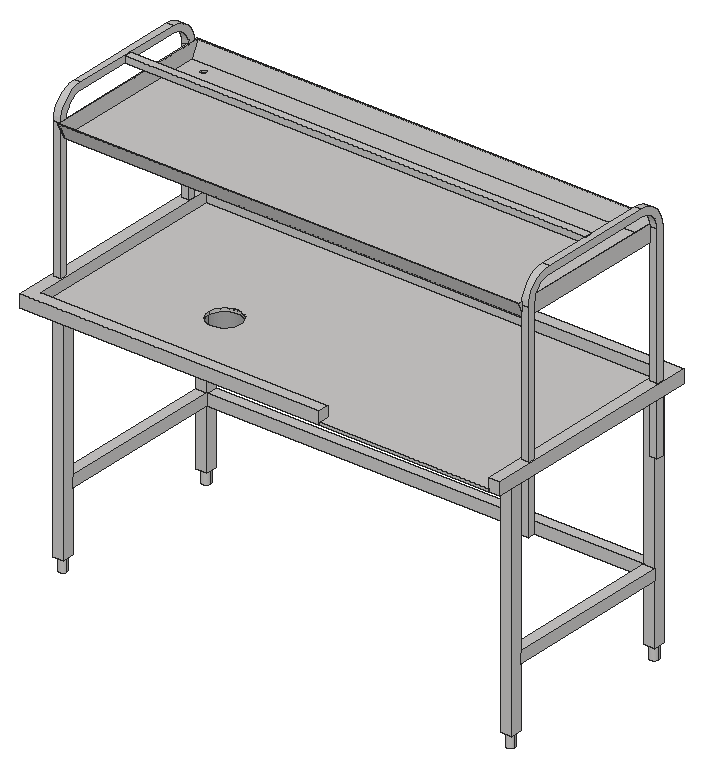
Revit family "QF_ELECTROLUXPROFESSIONAL_865337_BHST1708L", category Attrezzature speciali, Revit 2020
Family settings
  Quota connettore circolare = Usa diametro
  Tipo di parte = Normale
  Basato su piano di lavoro = No
  Sempre verticale = Sì
  Taglio con vuoti quando caricato = No
  Condiviso = No
  Punto di calcolo locali = No
Parameters (values of type "Standard")
  Weight = 14.00 kg
  Watts = 0 W
  Volts = 0 V
  URL Manufacturer = "https://www.electroluxprofessional.com/"
  URL = "https://www.electroluxprofessional.com/"
  Steam Supply Size = 0 mm
  Steam Supply Minimum Pressure = 0.0 Pa
  Steam Supply Maximum Pressure = 0.0 Pa
  Steam Consumption per Hour = 0
  Refrigeration Suction Line Size = 0 mm
  Refrigeration Liquid Line Size = 0 mm
  Refrigerant Compressor Remote = yes
  Prospetto di default = 0 mm
  Produttore = "Electrolux Professional"
  Phase = 0
  Modello = "BHST1708L"
  Length Actual = 1700 mm  # constant formula
  Item Number = "865337"
  Hot Water Size = 0 mm
  Height Actual = 1551 mm  # constant formula
  HP = "0 HP"
  Gas Size = 0 mm
  Gas KW = 0
  Gas Input Pressure = 0 W
  Direct Waste Size = 0 mm
  Description = "SORTING TABLE, LEFT>RIGHT, 1700X800 MM "
  Depth Actual = 800 mm  # constant formula
  Cycle = 0 Hz
  Condensate Return Size = 0 mm
  Compressed Air Volume = 0.0 L/s
  Compressed Air Size = 0 mm
  Compressed Air Pressure = 0.0 Pa
  Cold Water Size = 0 mm
  Accessory = yes
Reference planes
  plane 1 "Centro (Fronte/Retro)": y = 0
  plane 2: z = 0
  plane 3 "Centro (Sinistra/Destra)": x = 0
  plane 4: x = 850
  plane 5: z = 1492
  plane 6: x = 20
  plane 7: y = -379.5
  plane 8: x = 56
  plane 9: x = 944
  plane 10: y = -60
  plane 11: y = -695
  plane 12: x = 1700
  plane 13: x = 1644
Forms (mm)
  Extrusion 1, solid, material "QF_Finishes_Stainless Steel"
    sketch origin (-964, -40, 0) x (1, 0, 0) y (0, 1, 0)
      loop
        line (1000, 0) -> (1000, -40) -> (1040, -40) -> (1040, 0) -> (1000, 0)
    from 45 to 865
  Extrusion 2, solid, material "QF_Finishes_Stainless Steel"
    sketch origin (-964, -40, 0) x (1, 0, 0) y (0, 1, 0)
      loop
        circle (1020, -20) r 15
    from 0 to 45
  Extrusion 3, solid, material "QF_Finishes_Stainless Steel"
    sketch origin (-964, -675, 0) x (1, 0, 0) y (0, 1, 0)
      loop
        line (1000, 0) -> (1000, -40) -> (1040, -40) -> (1040, 0) -> (1000, 0)
    from 45 to 865
  Extrusion 4, solid, material "QF_Finishes_Stainless Steel"
    sketch origin (-964, -675, 0) x (1, 0, 0) y (0, 1, 0)
      loop
        circle (1020, -20) r 15
    from 0 to 45
  Extrusion 5, solid, material "QF_Finishes_Stainless Steel"
    sketch origin (0, 0, 0) x (1, 0, 0) y (0, 0, 1)
      loop
        line (76, 259.624) -> (1624, 259.624) -> (1624, 299.579) -> (76, 299.579) -> (76, 259.624)
    from 40 to 80
  Extrusion 6, solid, material "QF_Finishes_Stainless Steel"
    sketch origin (36, 0, 0) x (0, 1, 0) y (0, 0, 1)
      loop
        line (-80, 299.579) -> (-675, 299.579) -> (-675, 259.579) -> (-80, 259.579) -> (-80, 299.579)
    from 0 to 40
  Sweep 7, solid, material "QF_Finishes_Stainless Steel"
    path origin (0, 0, -12) x (0, 1, 0) y (0, 0, 1)
      loop
        line (-95, 682) -> (-95, 1412)
        arc (-95, 1412) -> (-118.431, 1468.569) -> (-175, 1492) r 80
        line (-175, 1492) -> (-584, 1492)
        arc (-584, 1492) -> (-640.569, 1468.569) -> (-664, 1412) r 80
        line (-664, 1412) -> (-664, 682)
    profile origin (0, -95, 1035) x (0, -1, 0) y (1, 0, 0)
      loop
        line (-12, 8) -> (12, 8) -> (12, 32) -> (-12, 32) -> (-12, 8)
  Extrusion 8, solid, material "QF_Finishes_Stainless Steel"
    sketch origin (0, 0, -12) x (0, 1, 0) y (0, 0, 1)
      loop
        line (-367.5, 1504) -> (-391.5, 1504) -> (-391.5, 1480) -> (-367.5, 1480) -> (-367.5, 1504)
    from 32 to 1668
  Extrusion 9, void
    sketch origin (32, 0, -6.687) x (0, 1, 0) y (0, 0, 1)
      loop
        line (-56.629, 1444.891) -> (-702.371, 1444.891) -> (-663.034, 1360.532) -> (-95.966, 1360.532) -> (-56.629, 1444.891)
    from 3.287 to 1634
  Extrusion 10, solid, material "QF_Finishes_Stainless Steel"
    sketch origin (32, 0, -12) x (0, 1, 0) y (0, 0, 1)
      loop
        line (-70.92, 1418.976) -> (-688.08, 1418.976) -> (-661.76, 1362.532) -> (-97.24, 1362.532) -> (-70.92, 1418.976)
    from 0 to 1636
  Extrusion 11, void
    sketch origin (0, 0, -12) x (1, 0, 0) y (0, 1, 0)
      loop
        circle (108.268, -136.161) r 12
    from 1301.755 to 1377.519
  Extrusion 12, solid, material "QF_Finishes_Stainless Steel"
    sketch origin (0, 0, -12) x (1, 0, 0) y (0, 1, 0)
      loop
        circle (108.21, -136.146) r 13
    from 1316.037 to 1362.532
  Extrusion 13, void
    sketch origin (0, 0, -12) x (1, 0, 0) y (0, 1, 0)
      loop
        circle (108.268, -136.161) r 10
    from 1301.755 to 1377.519
  Extrusion 14, solid, material "QF_Finishes_Stainless Steel"
    sketch origin (2664, -40, 0) x (-1, 0, 0) y (0, -1, 0)
      loop
        line (1000, 0) -> (1040, 0) -> (1040, 40) -> (1000, 40) -> (1000, 0)
    from 45 to 865
  Extrusion 15, solid, material "QF_Finishes_Stainless Steel"
    sketch origin (2664, -40, 0) x (-1, 0, 0) y (0, -1, 0)
      loop
        circle (1020, 20) r 15
    from 0 to 45
  Extrusion 16, solid, material "QF_Finishes_Stainless Steel"
    sketch origin (2664, -675, 0) x (-1, 0, 0) y (0, -1, 0)
      loop
        line (1000, 0) -> (1040, 0) -> (1040, 40) -> (1000, 40) -> (1000, 0)
    from 45 to 865
  Extrusion 17, solid, material "QF_Finishes_Stainless Steel"
    sketch origin (2664, -675, 0) x (-1, 0, 0) y (0, -1, 0)
      loop
        circle (1020, 20) r 15
    from 0 to 45
  Sweep 18, solid, material "QF_Finishes_Stainless Steel"
    path origin (1700, 0, -12) x (0, 1, 0) y (0, 0, -1)
      loop
        line (-95, -682) -> (-95, -1412)
        arc (-95, -1412) -> (-118.431, -1468.569) -> (-175, -1492) r 80
        line (-175, -1492) -> (-584, -1492)
        arc (-584, -1492) -> (-640.569, -1468.569) -> (-664, -1412) r 80
        line (-664, -1412) -> (-664, -682)
    profile origin (1700, -95, 1035) x (0, 1, 0) y (-1, 0, 0)
      loop
        line (12, 8) -> (12, 32) -> (-12, 32) -> (-12, 8) -> (12, 8)
  Extrusion 19, solid, material "QF_Finishes_Stainless Steel"
    sketch origin (1664, 0, 0) x (0, 1, 0) y (0, 0, -1)
      loop
        line (-80, -299.579) -> (-80, -259.579) -> (-675, -259.579) -> (-675, -299.579) -> (-80, -299.579)
    from 0 to 40
  Extrusion 20, void
    sketch origin (1100, -30, 0) x (-1, 0, 0) y (0, -1, 0)
      loop
        circle (610, 490) r 58
    from 674.596 to 947.421
  Extrusion 21, solid, material "QF_Finishes_Stainless Steel"
    sketch origin (1700, 0, 865) x (-1, 0, 0) y (0, -1, 0)
      loop
        line (40, 814) -> (40, 40) -> (1660, 40) -> (1660, 774) -> (640, 774) -> (640, 814) -> (40, 814)
    from 0 to 10
  Extrusion 22, solid, material "QF_Finishes_Stainless Steel"
    sketch origin (1700, 0, 865) x (-1, 0, 0) y (0, -1, 0)
      loop
        line (0, 0) -> (1700, 0) -> (1700, 814) -> (640, 814) -> (640, 774) -> (1660, 774) -> (1660, 40) -> (40, 40) -> (40, 814) -> (0, 814) -> (0, 0)
    from 0 to 45
Cuts and joins
  Extrusion 9, Extrusion 13 cuts Extrusion 10
  Extrusion 11 cuts Extrusion 12
  Extrusion 20 cuts Extrusion 21
Dimensions and locks
  plane 5 to level = 1492 mm  (x2)
  Extrusion 5 to Extrusion 5 = 39.955 mm
  Extrusion 1 to Extrusion 3 = 595 mm
  plane 10 to plane 11 = 635 mm
  plane 12 to plane 3 "Centro (Sinistra/Destra)" = 1700 mm
  plane 13 to plane 8 = 1588 mm
  Extrusion 16 to Extrusion 3 = 1548 mm
  Sweep 7 to Sweep 7 = 545 mm
  plane 3 "Centro (Sinistra/Destra)" to plane 12 = 1700 mm
  Extrusion 22 to plane 1 "Centro (Fronte/Retro)" = 814 mm
  aligned and locked: level to plane 2
  aligned and locked: Extrusion 2 to Extrusion 1
  aligned and locked: Extrusion 4 to Extrusion 3
  aligned and locked: Extrusion 8 to Sweep 7
  aligned and locked: Extrusion 14 to Extrusion 15
  aligned and locked: Extrusion 16 to Extrusion 17
Nested families
  nested 1: "FORO_IMMONDIZIE - 200" at (490, -520, 863.471) x (-1, 0, 0) z (0, 0, 1), type "FORO_IMMONDIZIE - 200"
Definition of nested family "FORO_IMMONDIZIE - 200"
  Parameters (values of type "FORO_IMMONDIZIE - 200")
    Default Elevation = 1219.2 mm
  Reference planes
    plane 1 "Centro (Fronte/Retro)": y = 0
    plane 2: z = 0
    plane 3 "Centro (Sinistra/Destra)": x = 0
    plane 4: z = -110
  Forms (mm)
    Extrusion 1, solid, not visible
      sketch origin (0, 0, 0) x (1, 0, 0) y (0, 1, 0)
        loop
          line (-1219.2, 1219.2) -> (-1219.2, -1219.2) -> (1219.2, -1219.2) -> (1219.2, 1219.2) -> (-1219.2, 1219.2)
      from 0 to -304.8
    Extrusion 2, solid
      sketch origin (0, 0, 0) x (1, 0, 0) y (0, 1, 0)
        loop
          circle (0, 0) r 60
        loop
          circle (0, 0) r 90
      from -110 to 1.529
  Dimensions and locks
    aligned and locked: plane 2 to Extrusion 1
    aligned and locked: level to Extrusion 1
